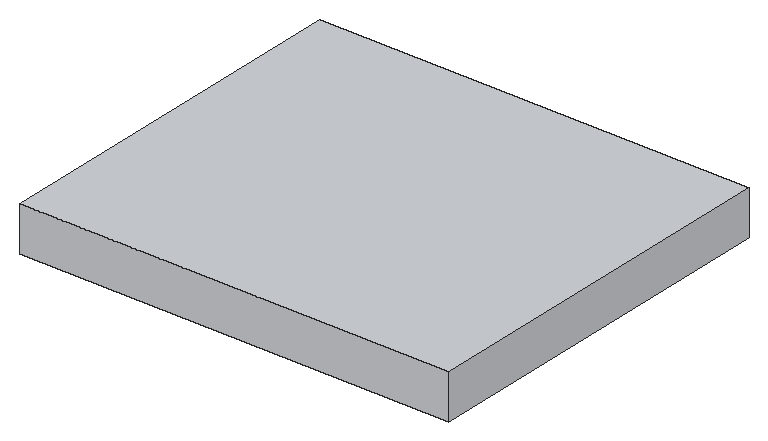
Revit family "old family", category Generic Models, Revit 2016
Family settings
  Part Type = Normal
  Can host rebar = No
  Round Connector Dimension = Use Diameter
  Work Plane-Based = No
  Always vertical = Yes
  Cut with Voids When Loaded = No
  Shared = No
  Room Calculation Point = No
Parameters
  old parameter = "old parameter value"
Reference planes
  plane 1 "Center (Front/Back)": y = 0
  plane 2: z = 0
  plane 3 "Center (Left/Right)": x = 0
Forms (mm)
  Extrusion 1, solid
    sketch origin (0, 0, 0) x (1, 0, 0) y (0, 1, 0)
      loop
        line (-1510.406, 1112.93) -> (-1510.406, -987.07) -> (889.594, -987.07) -> (889.594, 1112.93) -> (-1510.406, 1112.93)
    from 0 to 250
Dimensions and locks
  aligned and locked: level to plane 2
